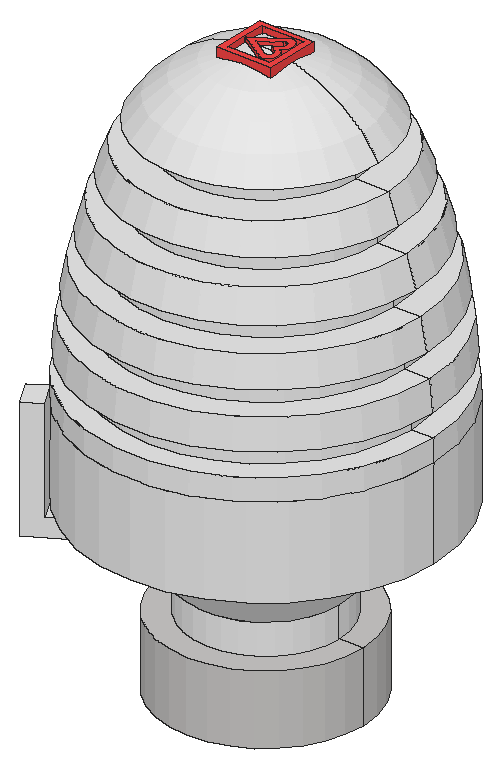
Revit family "HERZ-Design-Thermostatkopf M28x1.5 9260", category Rohrzubehör, Revit 2018
Family settings
  Bemaßung runder Anschluss = Durchmesser verwenden
  Teiletyp = Normal
  OmniClass-Nummer = 23.65.55.14
  OmniClass-Titel = Valves for Liquid Services
  Arbeitsebenenbasiert = Nein
  Immer vertikal = Nein
  Beim Laden mit Abzugskörper schneiden = Nein
  Gemeinsam genutzt = Nein
Parameters
  URL = "www.herz-armaturen.at"
  Sollwertbereich = "6-28°C"  # constant formula
  S02 = 60.000 mm  # constant formula
  S01 = 90.000 mm  # constant formula
  Hersteller = "HERZ Armaturen Ges.m.b.H."  # constant formula
  Handrad = "Kunststoff, weiß"  # constant formula
  Funktionsweise = "Der HERZ-Thermostat dient als Fühl- und Regelelement. Durch die Volumsänderung der Flüssigkeitsfüllung im HERZHydrosensor wird die Schubspindel des Ventils bewegt."
  Frostsicherung = 6 °C  # constant formula
  Bestellnummer = 1926006  # constant formula
  Ausführungen = "Heizkörperthermostat mit Flüssigkeitsfühler (Hydrosensor)\r\nmit automatischer Frostsicherung und Begrenzung und Blockierung des Sollwertbereiches.\r\nHandradfarbe weiß."
  Anwendungen = "Zur Montage auf allen HERZ-Ventilen, die für thermostatischen Betrieb eingerichtet sind."
Reference planes
  plane 1 "Mitte (Vorne/hinten)": y = 0
  plane 2: z = 0
  plane 3 "Mitte (Links/rechts)": x = 0
Forms (mm)
  Revolve 1, solid, material "Kunststoff weiß", detail levels fine
    sketch origin (0, 0, 0) x (1, 0, 0) y (0, 0, 1)
      loop
        line (0, 0) -> (0, 90)
        arc (0, 90) -> (-10.767, 87.197) -> (-18.8, 79.5) r 22.08
        arc (-18.8, 79.5) -> (-25.672, 59.356) -> (-28, 38.2) r 97.301
        line (-28, 38.2) -> (-28, 23.2) -> (-23.25, 23.2) -> (-23.25, 20.5) -> (-20.4, 20.5) -> (-20.4, 19.7) -> (-12.2, 11.5) -> (-12.2, 4.8) -> (-13.2, 4.8) -> (-13.2, 0) -> (0, 0)
      axis (0, 90) -> (0, 0)
    angle from 0 to 360
  Extrusion 2, solid, material "Kunststoff weiß", detail levels fine
    sketch origin (0, 0, 0) x (0.866025, 0.5, 0) y (0, 0, 1)
      loop
        line (-28.5, 36.04) -> (-31.75, 36.04) -> (-31.75, 16.2) -> (-20.85, 16.2) -> (-20.85, 20.5) -> (-23.25, 20.5) -> (-23.25, 21.5) -> (-24.578, 19.2) -> (-28.5, 19.2) -> (-28.5, 36.04)
    from 2.5 to -2.5
  Extrusion 3, solid, material "Kunststoff weiß", detail levels fine
    sketch origin (0, 0, 0) x (0, 1, 0) y (0, 0, 1)
      loop
        arc (0.75, 19.2) -> (1.987, 19.713) -> (2.5, 20.95) r 1.75
        line (2.5, 20.95) -> (2.5, 32.2) -> (-2.5, 32.2) -> (-2.5, 20.95)
        arc (-2.5, 20.95) -> (-1.987, 19.713) -> (-0.75, 19.2) r 1.75
        line (-0.75, 19.2) -> (0.75, 19.2)
    from 0 to -31.5
  Revolve 4, solid, material "Messing verzinkt", detail levels fine
    sketch origin (0, 0, 0) x (1, 0, 0) y (0, 0, 1)
      loop
        line (0, 0) -> (0, 6.5) -> (-16.25, 6.5) -> (-16.25, -5) -> (-14, -5) -> (-14, 0) -> (0, 0)
      axis (0, 6.5) -> (0, -5)
    angle from 0 to 360
  Revolve 5, void
    sketch origin (0, 0, 0) x (1, 0, 0) y (0, 0, 1)
      loop
        arc (-18.8, 79.5) -> (-19.64, 77.659) -> (-20.442, 75.8) r 97.301
        line (-20.442, 75.8) -> (-14.951, 75.8) -> (-14.951, 79.5) -> (-18.8, 79.5)
      loop
        line (-27.933, 41.8) -> (-24.226, 41.8) -> (-24.226, 45.5) -> (-27.726, 45.5)
        arc (-27.726, 45.5) -> (-27.847, 43.651) -> (-27.933, 41.8) r 97.301
      loop
        arc (-22.197, 71.3) -> (-22.843, 69.456) -> (-23.452, 67.6) r 97.301
        line (-23.452, 67.6) -> (-18.697, 67.6) -> (-18.697, 71.3) -> (-22.197, 71.3)
      loop
        arc (-24.865, 62.7) -> (-25.326, 60.854) -> (-25.751, 59) r 97.301
        line (-25.751, 59) -> (-21.365, 59) -> (-21.365, 62.7) -> (-24.865, 62.7)
      loop
        arc (-26.692, 54.1) -> (-26.98, 52.253) -> (-27.232, 50.4) r 97.301
        line (-27.232, 50.4) -> (-23.192, 50.4) -> (-23.192, 54.1) -> (-26.692, 54.1)
      axis (0, 79.5) -> (0, 41.8)
    angle from 0 to 360
Cuts and joins
  Revolve 5 cuts Revolve 1
Lines and regions (mm)
  model lines, detail levels coarse+medium
    curve 1: line (0, 0, 0) -> (0, 0, 30)
    curve 2: line (0, 0.018, 0) -> (30, 0.018, 0)
    curve 3: circle (0, 0, 60) r 30 normal (0, -1, 0)
    curve 4: circle (0, 0, 60) r 30 normal (1, 0, 0)
    curve 5: line (0, 0, 40) -> (0, 0, 80)
    curve 6: line (0, 17.5, 80) -> (0, -17.5, 80)
    curve 7: line (0, 0, 40) -> (0, 0, 80)
    curve 8: line (-17.5, 0, 80) -> (17.5, 0, 80)
    curve 9: circle (60, 0.018, 0) r 30 normal (0, 0, 1)
    curve 10: line (40, 0.018, 0) -> (80, 0.018, 0)
    curve 11: line (80, -17.482, 0) -> (80, 17.518, 0)
Dimensions and locks
  nested 1 to plane 2 = 89.000 mm
  "S01": curve 4 to plane 2
  "S01": curve 3 to plane 2
  "S01": plane 3 "Mitte (Links/rechts)" to curve 9
  "S02": diameter of curve 3
  "S02": diameter of curve 4
  "S02": diameter of curve 9
  aligned and locked: level to plane 2
Automatic sketch dimensions
  Revolve 1 sketch curve to level = 0.000 mm
  Revolve 1 sketch curve to plane 3 "Mitte (Links/rechts)" = 0.000 mm  (x2)
  Revolve 1 sketch curve to plane 3 "Mitte (Links/rechts)" = 12.200 mm
  Revolve 1 sketch curve to Revolve 1 sketch curve = 1.000 mm
  Revolve 1 sketch curve to Revolve 1 sketch curve = 8.200 mm  (x2)
  Revolve 1 sketch curve to Revolve 1 sketch curve = 2.850 mm
  Revolve 1 sketch curve to Revolve 1 sketch curve = 4.750 mm
  plane 3 "Mitte (Links/rechts)" to Revolve 1 sketch curve = 69.301 mm
  level to Revolve 1 sketch curve = 4.800 mm
  Revolve 1 sketch curve to Revolve 1 sketch curve = 6.700 mm
  Revolve 1 sketch curve to Revolve 1 sketch curve = 0.800 mm
  Revolve 1 sketch curve to Revolve 1 sketch curve = 2.700 mm
  Revolve 1 sketch curve to Revolve 1 sketch curve = 15.000 mm
  Revolve 1 sketch curve to Revolve 1 sketch curve = 29.720 mm
  Revolve 1 sketch curve to Revolve 1 sketch curve = 22.080 mm
  Revolve 1 sketch curve to level = 366.045 mm
  Revolve 1 sketch curve to Revolve 1 sketch curve = 0.000 mm
  level to Extrusion 2 sketch curve = 36.040 mm
  Extrusion 2 sketch curve to Extrusion 2 sketch curve = 3.250 mm
  Extrusion 2 sketch curve to Extrusion 2 sketch curve = 3.922 mm
  level to Extrusion 2 sketch curve = 21.500 mm
  Extrusion 2 sketch curve to Extrusion 2 sketch curve = 1.328 mm
  Extrusion 2 sketch curve to Extrusion 2 sketch curve = 3.728 mm
  Extrusion 2 sketch curve to Extrusion 2 sketch curve = 1.000 mm
  Extrusion 2 sketch curve to Extrusion 2 sketch curve = 1.300 mm
  Extrusion 2 sketch curve to Extrusion 2 sketch curve = 3.000 mm
  plane 1 "Mitte (Vorne/hinten)" to Extrusion 3 sketch curve = 2.500 mm
  plane 1 "Mitte (Vorne/hinten)" to Extrusion 3 sketch curve = 0.750 mm
  Extrusion 3 sketch curve to plane 1 "Mitte (Vorne/hinten)" = 0.750 mm
  Extrusion 3 sketch curve to plane 1 "Mitte (Vorne/hinten)" = 2.500 mm
  level to Extrusion 3 sketch curve = 19.200 mm
  Extrusion 3 sketch curve to Extrusion 3 sketch curve = 11.250 mm
  Revolve 4 sketch curve to level = 0.000 mm
  Revolve 4 sketch curve to plane 3 "Mitte (Links/rechts)" = 0.000 mm  (x2)
  Revolve 4 sketch curve to level = 5.000 mm
  Revolve 4 sketch curve to plane 3 "Mitte (Links/rechts)" = 14.000 mm
  Revolve 4 sketch curve to Revolve 4 sketch curve = 2.250 mm
  level to Revolve 4 sketch curve = 6.500 mm
  Revolve 4 sketch curve to Revolve 4 sketch curve = 361.045 mm
  Revolve 4 sketch curve to Revolve 4 sketch curve = 2207.815 mm
  Revolve 5 sketch curve to Revolve 5 sketch curve = 0.000 mm  (x20)
  Revolve 5 sketch curve to plane 3 "Mitte (Links/rechts)" = 0.000 mm
  Revolve 5 sketch curve to plane 3 "Mitte (Links/rechts)" = 14.951 mm
  Revolve 5 sketch curve to Revolve 5 sketch curve = 3.746 mm
  Revolve 5 sketch curve to Revolve 5 sketch curve = 3.849 mm
  Revolve 5 sketch curve to Revolve 5 sketch curve = 1.642 mm
  Revolve 5 sketch curve to Revolve 5 sketch curve = 2.668 mm
  Revolve 5 sketch curve to Revolve 5 sketch curve = 3.500 mm  (x4)
  Revolve 5 sketch curve to Revolve 5 sketch curve = 1.827 mm
  Revolve 5 sketch curve to Revolve 5 sketch curve = 1.255 mm
  Revolve 5 sketch curve to Revolve 5 sketch curve = 1.034 mm
  Revolve 5 sketch curve to Revolve 5 sketch curve = 0.886 mm
  Revolve 5 sketch curve to Revolve 5 sketch curve = 0.540 mm
  Revolve 5 sketch curve to Revolve 5 sketch curve = 0.208 mm
  level to Revolve 5 sketch curve = 38.200 mm
  plane 3 "Mitte (Links/rechts)" to Revolve 5 sketch curve = 69.301 mm
  level to Revolve 5 sketch curve = 41.800 mm
  Revolve 5 sketch curve to Revolve 5 sketch curve = 4.900 mm  (x3)
  Revolve 5 sketch curve to Revolve 5 sketch curve = 4.500 mm
  Revolve 5 sketch curve to level = 366.045 mm
  Revolve 5 sketch curve to Revolve 5 sketch curve = 2134.815 mm
  curve 5 to plane 1 "Mitte (Vorne/hinten)" = 0.000 mm
  curve 4 to plane 1 "Mitte (Vorne/hinten)" = 0.000 mm
  plane 1 "Mitte (Vorne/hinten)" to curve 6 = 17.500 mm
  curve 5 to curve 6 = 17.500 mm
  curve 5 to curve 4 = 20.000 mm
  curve 4 to curve 6 = 20.000 mm
  curve 3 to plane 3 "Mitte (Links/rechts)" = 0.000 mm
  curve 7 to plane 3 "Mitte (Links/rechts)" = 0.000 mm
  curve 1 to plane 3 "Mitte (Links/rechts)" = 0.000 mm
  curve 1 to level = 0.000 mm
  curve 8 to curve 7 = 17.500 mm
  plane 3 "Mitte (Links/rechts)" to curve 8 = 17.500 mm
  curve 1 to curve 7 = 10.000 mm
  curve 3 to curve 8 = 20.000 mm
  curve 2 to plane 3 "Mitte (Links/rechts)" = 0.000 mm
  curve 9 to plane 1 "Mitte (Vorne/hinten)" = 0.018 mm
  curve 10 to plane 1 "Mitte (Vorne/hinten)" = 0.018 mm
  curve 2 to curve 10 = 10.000 mm
  curve 9 to curve 11 = 20.000 mm
  plane 1 "Mitte (Vorne/hinten)" to curve 11 = 17.482 mm
  curve 2 to plane 1 "Mitte (Vorne/hinten)" = 0.018 mm
  curve 10 to curve 11 = 17.500 mm
Nested families
  nested 1: "Herz-Logo" at (0, 0, 89) x (0, -1, 0) z (0, 0, 1), type "Herz-Logo"
Definition of nested family "Herz-Logo"
  Reference planes
    plane 1 "Mitte (Vorne/hinten)": y = 0
    plane 2: z = 0
    plane 3 "Mitte (Links/rechts)": x = 0
  Forms (mm)
    Extrusion 1, solid
      sketch origin (0, 0, 0) x (1, 0, 0) y (0, 1, 0)
        loop
          line (-0.018, -4.517) -> (4.482, -4.517) -> (4.482, 4.483) -> (-4.518, 4.483) -> (-4.518, -4.517) -> (-0.018, -4.517)
        loop
          line (-0.05, -3.48) -> (3.482, -3.48) -> (3.482, 3.483) -> (-3.518, 3.483) -> (-3.518, -3.48) -> (-0.05, -3.48)
        loop
          arc (-0.018, 2.383) -> (-1.543, 3.287) -> (-3.067, 2.383) r 1.738
          arc (-3.067, 2.383) -> (-3.191, 1.899) -> (-3.067, 1.415) r 1.009
          line (-3.067, 1.415) -> (-0.018, -3.281) -> (3.032, 1.415)
          arc (3.032, 1.415) -> (3.156, 1.899) -> (3.032, 2.383) r 1.009
          arc (3.032, 2.383) -> (1.507, 3.287) -> (-0.018, 2.383) r 1.738
        loop
          arc (1.885, 1.272) -> (2.005, 1.675) -> (1.885, 2.079) r 0.74
          arc (1.885, 2.079) -> (1.265, 2.416) -> (0.644, 2.079) r 0.74
          line (0.644, 2.079) -> (-0.018, 0.97) -> (-0.679, 2.079)
          arc (-0.679, 2.079) -> (-1.3, 2.416) -> (-1.921, 2.079) r 0.74
          arc (-1.921, 2.079) -> (-2.04, 1.675) -> (-1.921, 1.272) r 0.74
          line (-1.921, 1.272) -> (-0.018, -1.658) -> (1.885, 1.272)
      from 0 to 1.5
  Dimensions and locks
    aligned and locked: level to plane 2
